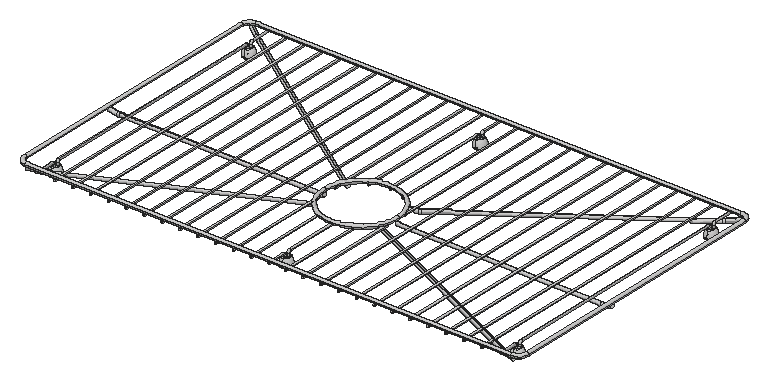
Revit family "Accessory-Sink_Rack-KOHLER-Strive-K-33162_1", category Specialty Equipment, host Face, Revit 2021 (continued)
Definition of nested family "K-33162"
  Lines and regions (in)
    Masking region 2
      outline origin (0, 0, 0) x (1, 0, 0) y (0, 0, 1)
        loop
          arc (11.22661, 0.82677) -> (11.27376, 0.7794) -> (11.24091, 0.72119) r 0.05533
          line (11.24091, 0.72119) -> (12.22123, 0.72119)
        loop
          line (11.20719, 0.82605) -> (10.2058, 0.82605)
          arc (10.2058, 0.82605) -> (10.24862, 0.77769) -> (10.21662, 0.72158) r 0.05547
          line (10.21662, 0.72158) -> (11.19608, 0.72158)
          arc (11.19608, 0.72158) -> (11.16391, 0.77783) -> (11.20719, 0.82605) r 0.05533
        loop
          line (10.1811, 0.82605) -> (9.1796, 0.82605)
          arc (9.1796, 0.82605) -> (9.22392, 0.77815) -> (9.1914, 0.72158) r 0.05506
          line (9.1914, 0.72158) -> (10.17028, 0.72158)
          arc (10.17028, 0.72158) -> (10.13827, 0.77769) -> (10.1811, 0.82605) r 0.05547
        loop
          line (9.15881, 0.82605) -> (8.15553, 0.82605)
          arc (8.15553, 0.82605) -> (8.19797, 0.77758) -> (8.16611, 0.72158) r 0.05558
          line (8.16611, 0.72158) -> (9.14702, 0.72158)
          arc (9.14702, 0.72158) -> (9.11449, 0.77815) -> (9.15881, 0.82605) r 0.05506
        loop
          line (8.1314, 0.8264) -> (7.1297, 0.8264)
          arc (7.1297, 0.8264) -> (7.17376, 0.77724) -> (7.13976, 0.72065) r 0.05559
          line (7.13976, 0.72065) -> (8.12133, 0.72065)
          arc (8.12133, 0.72065) -> (8.08733, 0.77724) -> (8.1314, 0.8264) r 0.05558
        loop
          line (6.11818, 0.72218) -> (7.09371, 0.72218)
          arc (7.09371, 0.72218) -> (7.0633, 0.77908) -> (7.10715, 0.8264) r 0.05559
          line (7.10715, 0.8264) -> (6.10378, 0.8264)
          arc (6.10378, 0.8264) -> (6.14894, 0.77954) -> (6.11818, 0.72218) r 0.05527
        loop
          line (5.09313, 0.72218) -> (6.0702, 0.72218)
          arc (6.0702, 0.72218) -> (6.03944, 0.77954) -> (6.0846, 0.8264) r 0.05527
          line (6.0846, 0.8264) -> (5.07969, 0.8264)
          arc (5.07969, 0.8264) -> (5.12354, 0.77908) -> (5.09313, 0.72218) r 0.05559
        loop
          line (4.032, 0.8264) -> (3.0288, 0.8264)
          arc (3.0288, 0.8264) -> (3.07274, 0.77911) -> (3.0423, 0.72218) r 0.05556
          line (3.0423, 0.72218) -> (4.01904, 0.72218)
          arc (4.01904, 0.72218) -> (3.98883, 0.77886) -> (4.032, 0.8264) r 0.05578
        loop
          line (2.03848, 0.74886) -> (2.16399, 0.72218) -> (2.99297, 0.72218)
          arc (2.99297, 0.72218) -> (2.96253, 0.77911) -> (3.00646, 0.8264) r 0.05556
          line (3.00646, 0.8264) -> (2.0031, 0.8264)
          arc (2.0031, 0.8264) -> (2.04064, 0.79669) -> (2.03848, 0.74886) r 0.05253
        loop
          arc (5.0437, 0.72218) -> (5.01329, 0.77908) -> (5.05714, 0.8264) r 0.05559
          line (5.05714, 0.8264) -> (4.05635, 0.8264)
          arc (4.05635, 0.8264) -> (4.09953, 0.77886) -> (4.06931, 0.72218) r 0.05578
          line (4.06931, 0.72218) -> (5.0437, 0.72218)
        loop
          arc (1.9404, 0.77197) -> (1.95135, 0.80709) -> (1.98266, 0.82642) r 0.05253
          line (1.98266, 0.82642) -> (1.72677, 0.82523) -> (1.9404, 0.77197)
        loop
          line (-14.12149, 0.82677) -> (-14.37986, 0.82677) -> (-14.15813, 0.77503)
          arc (-14.15813, 0.77503) -> (-14.1434, 0.80344) -> (-14.12149, 0.82677) r 0.11647
        loop
          arc (-13.25094, 0.82677) -> (-13.21297, 0.80568) -> (-13.2034, 0.76332) r 0.05315
          line (-13.2034, 0.76332) -> (-13.2034, 0.72119) -> (-12.257, 0.72119)
          arc (-12.257, 0.72119) -> (-12.28881, 0.77813) -> (-12.24536, 0.82677) r 0.05618
          line (-12.24536, 0.82677) -> (-13.25094, 0.82677)
        loop
          arc (-13.30746, 0.7626) -> (-13.29826, 0.80539) -> (-13.26007, 0.82677) r 0.05315
          line (-13.26007, 0.82677) -> (-13.91622, 0.82677) -> (-13.35377, 0.72299) -> (-13.30746, 0.72299) -> (-13.30746, 0.7626)
        loop
          arc (-13.9559, 0.82647) -> (-13.97237, 0.8213) -> (-13.98246, 0.8073) r 0.02735
          line (-13.98246, 0.8073) -> (-14.121, 0.82677) -> (-13.95928, 0.82677)
        loop
          line (-12.20893, 0.72119) -> (-11.22861, 0.72119)
          arc (-11.22861, 0.72119) -> (-11.26146, 0.7794) -> (-11.21431, 0.82677) r 0.05533
          line (-11.21431, 0.82677) -> (-12.22057, 0.82677)
          arc (-12.22057, 0.82677) -> (-12.17712, 0.77813) -> (-12.20893, 0.72119) r 0.05618
        loop
          arc (-11.19895, 0.82677) -> (-11.15186, 0.77987) -> (-11.18378, 0.72158) r 0.05533
          line (-11.18378, 0.72158) -> (-10.20431, 0.72158)
          arc (-10.20431, 0.72158) -> (-10.23608, 0.77959) -> (-10.18973, 0.82677) r 0.05547
          line (-10.18973, 0.82677) -> (-11.19895, 0.82677)
        loop
          arc (-10.17255, 0.82677) -> (-10.1262, 0.77959) -> (-10.15797, 0.72158) r 0.05547
          line (-10.15797, 0.72158) -> (-9.1791, 0.72158)
          arc (-9.1791, 0.72158) -> (-9.21128, 0.78065) -> (-9.16232, 0.82677) r 0.05506
          line (-9.16232, 0.82677) -> (-10.17255, 0.82677)
        loop
          arc (-9.15149, 0.82677) -> (-9.10253, 0.78065) -> (-9.13472, 0.72158) r 0.05506
          line (-9.13472, 0.72158) -> (-8.15381, 0.72158)
          arc (-8.15381, 0.72158) -> (-8.18545, 0.77937) -> (-8.13968, 0.82677) r 0.05558
          line (-8.13968, 0.82677) -> (-9.15149, 0.82677)
        loop
          arc (-8.12104, 0.82677) -> (-8.07513, 0.77823) -> (-8.10903, 0.72065) r 0.05558
          line (-8.10903, 0.72065) -> (-7.12746, 0.72065)
          arc (-7.12746, 0.72065) -> (-7.16136, 0.77823) -> (-7.11545, 0.82677) r 0.05559
          line (-7.11545, 0.82677) -> (-8.12104, 0.82677)
        loop
          arc (-6.10588, 0.72218) -> (-6.13664, 0.77954) -> (-6.09148, 0.8264) r 0.05527
          line (-6.09148, 0.8264) -> (-7.09485, 0.8264)
          arc (-7.09485, 0.8264) -> (-7.051, 0.77908) -> (-7.08141, 0.72218) r 0.05559
          line (-7.08141, 0.72218) -> (-6.10588, 0.72218)
        loop
          arc (-5.08698, 0.72218) -> (-5.11726, 0.78006) -> (-5.07159, 0.82677) r 0.05559
          line (-5.07159, 0.82677) -> (-6.07468, 0.82677)
          arc (-6.07468, 0.82677) -> (-6.02732, 0.78073) -> (-6.05789, 0.72218) r 0.05527
          line (-6.05789, 0.72218) -> (-5.08698, 0.72218)
        loop
          arc (-4.02585, 0.8264) -> (-3.98268, 0.77886) -> (-4.01289, 0.72218) r 0.05578
          line (-4.01289, 0.72218) -> (-3.03, 0.72218)
          arc (-3.03, 0.72218) -> (-3.06043, 0.77911) -> (-3.0165, 0.8264) r 0.05556
          line (-3.0165, 0.8264) -> (-4.02585, 0.8264)
        loop
          arc (-2.02617, 0.74886) -> (-2.02833, 0.79669) -> (-1.9908, 0.8264) r 0.05253
          line (-1.9908, 0.8264) -> (-2.99416, 0.8264)
          arc (-2.99416, 0.8264) -> (-2.95023, 0.77911) -> (-2.98067, 0.72218) r 0.05556
          line (-2.98067, 0.72218) -> (-2.15169, 0.72218) -> (-2.02617, 0.74886)
        loop
          line (-5.03755, 0.72218) -> (-4.06316, 0.72218)
          arc (-4.06316, 0.72218) -> (-4.09326, 0.77976) -> (-4.04842, 0.82677) r 0.05578
          line (-4.04842, 0.82677) -> (-5.05294, 0.82677)
          arc (-5.05294, 0.82677) -> (-5.00727, 0.78006) -> (-5.03755, 0.72218) r 0.05559
        loop
          line (-1.92802, 0.77506) -> (-1.72677, 0.82523) -> (-1.97006, 0.82636)
          arc (-1.97006, 0.82636) -> (-1.93992, 0.80818) -> (-1.92802, 0.77506) r 0.05253
    Masking region 3
      outline origin (0, 0, 0) x (0, 1, 0) y (0, 0, 1)
        loop
          arc (-6.55647, 1.02362) -> (-6.6547, 0.93149) -> (-6.56904, 0.82758) r 0.09843
          line (-6.56904, 0.82758) -> (-6.65371, 0.82758) -> (-6.65371, 0.71351) -> (-6.62221, 0.71351)
          arc (-6.62221, 0.71351) -> (-6.60007, 0.66765) -> (-6.55512, 0.64372) r 0.08198
          line (-6.55512, 0.64372) -> (-6.30845, 0.54903)
          arc (-6.30845, 0.54903) -> (-6.26284, 0.53617) -> (-6.21564, 0.53183) r 0.25898
          line (-6.21564, 0.53183) -> (-5.55922, 0.53183)
          arc (-5.55922, 0.53183) -> (-5.62165, 0.3358) -> (-5.6407, 0.13095) r 0.9562
          arc (-5.6407, 0.13095) -> (-5.63642, 0.11407) -> (-5.62501, 0.1009) r 0.03772
          arc (-5.62501, 0.1009) -> (-5.31401, 0) -> (-5.00227, 0.09856) r 0.53596
          arc (-5.00227, 0.09856) -> (-4.9861, 0.1171) -> (-4.98021, 0.14098) r 0.05227
          arc (-4.98021, 0.14098) -> (-5.00037, 0.34071) -> (-5.06178, 0.53183) r 0.9562
          line (-5.06178, 0.53183) -> (-0.87903, 0.53183)
          arc (-0.87903, 0.53183) -> (-0.78558, 0.62136) -> (-0.87103, 0.71856) r 0.09354
          line (-0.87103, 0.71856) -> (-0.08825, 0.71856) -> (-0.08825, 0.62747)
          arc (-0.08825, 0.62747) -> (0.00584, 0.53339) -> (0.09992, 0.62747) r 0.09408
          line (0.09992, 0.62747) -> (0.09992, 0.71856) -> (1.12749, 0.71856)
          arc (1.12749, 0.71856) -> (1.14144, 0.67125) -> (1.18039, 0.64098) r 0.08043
          line (1.18039, 0.64098) -> (1.39745, 0.56197)
          arc (1.39745, 0.56197) -> (1.47626, 0.54086) -> (1.55754, 0.53375) r 0.46807
          line (1.55754, 0.53375) -> (8.32393, 0.53375)
          arc (8.32393, 0.53375) -> (8.26116, 0.34073) -> (8.24054, 0.13881) r 0.9562
          arc (8.24054, 0.13881) -> (8.24644, 0.11493) -> (8.2626, 0.09639) r 0.05227
          arc (8.2626, 0.09639) -> (8.57435, -0.00217) -> (8.88535, 0.09873) r 0.53596
          arc (8.88535, 0.09873) -> (8.89676, 0.1119) -> (8.90104, 0.12878) r 0.03772
          arc (8.90104, 0.12878) -> (8.88208, 0.33314) -> (8.81996, 0.52875) r 0.9562
          line (8.81996, 0.52875) -> (9.20544, 0.52875)
          arc (9.20544, 0.52875) -> (9.32151, 0.53447) -> (9.43646, 0.55157) r 1.1811
          line (9.43646, 0.55157) -> (9.88919, 0.64187)
          arc (9.88919, 0.64187) -> (9.95808, 0.70173) -> (9.94158, 0.7915) r 0.09207
          line (9.94158, 0.7915) -> (9.94158, 0.82677)
          arc (9.94158, 0.82677) -> (10.04, 0.9252) -> (9.94158, 1.02362) r 0.09843
          line (9.94158, 1.02362) -> (-6.55647, 1.02362)
    symbolic lines, detail levels medium+fine
      curve 1: line (-13.31498, 9.84252, 0) -> (-13.20956, 9.84252, 0)
      curve 2: line (-12.28899, 9.84252, 0) -> (-12.18357, 9.84252, 0)
      curve 3: line (-11.26493, 9.84252, 0) -> (-11.15952, 9.84252, 0)
      curve 4: line (-10.23915, 9.84252, 0) -> (-10.13374, 9.84252, 0)
      curve 5: line (-9.21492, 9.84252, 0) -> (-9.1095, 9.84252, 0)
      curve 6: line (-8.18914, 9.84252, 0) -> (-8.08373, 9.84252, 0)
      curve 7: line (-7.16337, 9.84252, 0) -> (-7.05795, 9.84252, 0)
      curve 8: line (-6.13913, 9.84252, 0) -> (-6.03372, 9.84252, 0)
      curve 9: line (-5.11335, 9.84252, 0) -> (-5.00794, 9.84252, 0)
      curve 10: line (-4.08982, 9.84252, 0) -> (-3.98441, 9.84252, 0)
      curve 11: line (-3.06404, 9.84252, 0) -> (-2.95863, 9.84252, 0)
      curve 12: line (-2.03875, 9.84252, 0) -> (-1.93334, 9.84252, 0)
      curve 13: line (-1.04456, 9.84252, 0) -> (-0.93914, 9.84252, 0)
      curve 14: line (-0.05511, 9.84252, 0) -> (0.05565, 9.84252, 0)
      curve 15: line (0.94216, 9.84252, 0) -> (1.05291, 9.84252, 0)
      curve 16: line (1.93715, 9.84252, 0) -> (2.0479, 9.84252, 0)
      curve 17: line (2.96225, 9.84252, 0) -> (3.07301, 9.84252, 0)
      curve 18: line (3.9888, 9.84252, 0) -> (4.09956, 9.84252, 0)
      curve 19: line (5.01304, 9.84252, 0) -> (5.12379, 9.84252, 0)
      curve 20: line (6.03881, 9.84252, 0) -> (6.14957, 9.84252, 0)
      curve 21: line (7.06305, 9.84252, 0) -> (7.17381, 9.84252, 0)
      curve 22: line (8.08729, 9.84252, 0) -> (8.19804, 9.84252, 0)
      curve 23: line (9.11383, 9.84252, 0) -> (9.22459, 9.84252, 0)
      curve 24: line (10.13807, 9.84252, 0) -> (10.24882, 9.84252, 0)
      curve 25: line (11.16355, 9.84252, 0) -> (11.27431, 9.84252, 0)
      curve 26: line (12.18989, 9.84252, 0) -> (12.30065, 9.84252, 0)
      curve 27: line (13.21243, 9.84252, 0) -> (13.32319, 9.84252, 0)
      curve 28: arc (13.93646, 9.84252, 0) -> (14.05593, 9.82398, 0) -> (14.15851, 9.75999, 0) r 0.30148
      curve 29: line (14.31102, 0.10152, 0) -> (14.31102, -0.08918, 0)
      curve 30: line (-14.31102, 0.09744, 0) -> (-14.31102, -0.08856, 0)
      curve 31: line (-13.31498, -6.45669, 0) -> (-13.20956, -6.45669, 0)
      curve 32: line (-12.28899, -6.45669, 0) -> (-12.18357, -6.45669, 0)
      curve 33: line (-11.26493, -6.45669, 0) -> (-11.15952, -6.45669, 0)
      curve 34: line (-10.23915, -6.45669, 0) -> (-10.13374, -6.45669, 0)
      curve 35: line (-9.21492, -6.45669, 0) -> (-9.1095, -6.45669, 0)
      curve 36: line (-8.18914, -6.45669, 0) -> (-8.08373, -6.45669, 0)
      curve 37: line (-7.16337, -6.45669, 0) -> (-7.05795, -6.45669, 0)
      curve 38: line (-6.13913, -6.45669, 0) -> (-6.03372, -6.45669, 0)
      curve 39: line (-5.11335, -6.45669, 0) -> (-5.00794, -6.45669, 0)
      curve 40: line (-4.08982, -6.45669, 0) -> (-3.98441, -6.45669, 0)
      curve 41: line (-3.06404, -6.45669, 0) -> (-2.95863, -6.45669, 0)
      curve 42: line (-2.03875, -6.45669, 0) -> (-1.93334, -6.45669, 0)
      curve 43: line (-1.04456, -6.45669, 0) -> (-0.93914, -6.45669, 0)
      curve 44: line (-0.05511, -6.45669, 0) -> (0.05565, -6.45669, 0)
      curve 45: line (0.94216, -6.45669, 0) -> (1.05291, -6.45669, 0)
      curve 46: line (1.93715, -6.45669, 0) -> (2.0479, -6.45669, 0)
      curve 47: line (2.96225, -6.45669, 0) -> (3.07301, -6.45669, 0)
      curve 48: line (3.9888, -6.45669, 0) -> (4.09956, -6.45669, 0)
      curve 49: line (5.01304, -6.45669, 0) -> (5.12379, -6.45669, 0)
      curve 50: line (6.03881, -6.45669, 0) -> (6.14957, -6.45669, 0)
      curve 51: line (7.06305, -6.45669, 0) -> (7.17381, -6.45669, 0)
      curve 52: line (8.08729, -6.45669, 0) -> (8.19804, -6.45669, 0)
      curve 53: line (9.11383, -6.45669, 0) -> (9.22459, -6.45669, 0)
      curve 54: line (10.13807, -6.45669, 0) -> (10.24882, -6.45669, 0)
      curve 55: line (11.16355, -6.45669, 0) -> (11.27431, -6.45669, 0)
      curve 56: line (12.18989, -6.45669, 0) -> (12.30065, -6.45669, 0)
      curve 57: line (13.21243, -6.45669, 0) -> (13.32319, -6.45669, 0)
      curve 58: line (14.31102, 3.28431, 0) -> (14.31102, 3.47501, 0)
      curve 59: line (-14.31102, 3.28839, 0) -> (-14.31102, 3.47439, 0)
      curve 60: line (13.62916, -6.45669, 0) -> (14.08033, -6.45669, 0)
      curve 61: line (-13.59929, -6.45669, 0) -> (-13.91171, -6.45669, 0)
      curve 62: line (-13.31498, 9.40332, 0) -> (-13.31498, 9.17437, 0)
      curve 63: line (-12.29302, 8.69111, 0) -> (-12.29302, 8.45965, 0)
      curve 64: line (-12.18435, 8.61538, 0) -> (-12.18435, 8.38794, 0)
      curve 65: line (-11.26379, 7.97384, 0) -> (-11.26379, 7.7464, 0)
      curve 66: line (-11.16119, 7.90233, 0) -> (-11.16119, 7.6749, 0)
      curve 67: line (-10.24304, 7.26247, 0) -> (-10.24304, 7.03503, 0)
      curve 68: line (-10.12649, 7.18011, 0) -> (-10.12649, 6.95381, 0)
      curve 69: line (-9.21733, 6.5465, 0) -> (-9.21733, 6.32021, 0)
      curve 70: line (-9.10826, 6.4705, 0) -> (-9.10826, 6.2442, 0)
      curve 71: line (-8.18938, 5.83013, 0) -> (-8.18938, 5.60383, 0)
      curve 72: line (-8.0871, 5.75884, 0) -> (-8.0871, 5.52411, 0)
      curve 73: line (-7.16119, 5.11357, 0) -> (-7.16119, 4.87884, 0)
      curve 74: line (-7.05798, 5.04165, 0) -> (-7.05798, 4.80692, 0)
      curve 75: line (-6.14125, 4.40277, 0) -> (-6.14125, 4.16804, 0)
      curve 76: line (-6.03593, 4.32937, 0) -> (-6.03593, 4.09464, 0)
      curve 77: line (-5.11776, 3.6895, 0) -> (-5.11776, 3.45477, 0)
      curve 78: line (-5.01125, 3.61527, 0) -> (-5.01125, 3.38054, 0)
      curve 79: line (-4.09061, 2.97367, 0) -> (-4.09061, 2.73894, 0)
      curve 80: line (-3.98312, 2.89876, 0) -> (-3.98312, 2.66403, 0)
      curve 81: line (-3.06526, 2.2591, 0) -> (-3.06526, 2.02437, 0)
      curve 82: line (-2.95831, 2.18457, 0) -> (-2.95831, 1.94984, 0)
      curve 83: line (-2.03571, 1.54161, 0) -> (-2.03571, 1.30688, 0)
      curve 84: line (-1.93218, 1.46945, 0) -> (-1.93218, 1.23472, 0)
      curve 85: line (1.93975, 1.48761, 0) -> (1.93975, 1.25044, 0)
      curve 86: line (2.0483, 1.5632, 0) -> (2.0483, 1.32604, 0)
      curve 87: line (2.96599, 2.20232, 0) -> (2.96599, 1.96515, 0)
      curve 88: line (3.07454, 2.27791, 0) -> (3.07454, 2.04074, 0)
      curve 89: line (3.98505, 2.91203, 0) -> (3.98505, 2.67486, 0)
      curve 90: line (4.0936, 2.98762, 0) -> (4.0936, 2.75045, 0)
      curve 91: line (5.0152, 3.62946, 0) -> (5.0152, 3.39229, 0)
      curve 92: line (5.12067, 3.70291, 0) -> (5.12067, 3.46574, 0)
      curve 93: line (6.04143, 4.34416, 0) -> (6.04143, 4.10699, 0)
      curve 94: line (6.1469, 4.41761, 0) -> (6.1469, 4.18044, 0)
      curve 95: line (7.06569, 5.05748, 0) -> (7.06569, 4.82031, 0)
      curve 96: line (7.17116, 5.13094, 0) -> (7.17116, 4.89377, 0)
      curve 97: line (8.09192, 5.77218, 0) -> (8.09192, 5.53502, 0)
      curve 98: line (8.19739, 5.84564, 0) -> (8.19739, 5.60847, 0)
      curve 99: line (9.11849, 6.48713, 0) -> (9.11849, 6.24996, 0)
      curve 100: line (9.22396, 6.56058, 0) -> (9.22396, 6.32341, 0)
      curve 101: line (10.13719, 7.19658, 0) -> (10.13719, 6.95941, 0)
      curve 102: line (10.24266, 7.27003, 0) -> (10.24266, 7.03287, 0)
      curve 103: line (11.1658, 7.91294, 0) -> (11.1658, 7.67577, 0)
      curve 104: line (11.2728, 7.98746, 0) -> (11.2728, 7.75029, 0)
      curve 105: line (12.18893, 8.62548, 0) -> (12.18893, 8.38831, 0)
      curve 106: line (12.29593, 8.7, 0) -> (12.29593, 8.46283, 0)
      curve 107: line (13.21505, 9.34011, 0) -> (13.21505, 9.10294, 0)
      curve 108: line (13.32061, 9.41362, 0) -> (13.32061, 9.17645, 0)
      curve 109: line (-13.31447, -6.11405, 0) -> (-13.31447, -6.32355, 0)
      curve 110: line (-13.2083, -6.06442, 0) -> (-13.2083, -6.27393, 0)
      curve 111: line (-12.29153, -5.63589, 0) -> (-12.29153, -5.84539, 0)
      curve 112: line (-12.18435, -5.58578, 0) -> (-12.18435, -5.79529, 0)
      curve 113: line (-11.26379, -5.15548, 0) -> (-11.26379, -5.36498, 0)
      curve 114: line (-11.16119, -5.10752, 0) -> (-11.16119, -5.31702, 0)
      curve 115: line (-10.24304, -4.67833, 0) -> (-10.24304, -4.88783, 0)
      curve 116: line (-10.12649, -4.62385, 0) -> (-10.12649, -4.83336, 0)
      curve 117: line (-9.21733, -4.19887, 0) -> (-9.21733, -4.40837, 0)
      curve 118: line (-9.10826, -4.14789, 0) -> (-9.10826, -4.35739, 0)
      curve 119: line (-8.18938, -3.71836, 0) -> (-8.18938, -3.92787, 0)
      curve 120: line (-8.0871, -3.67055, 0) -> (-8.0871, -3.88005, 0)
      curve 121: line (-7.16119, -3.23774, 0) -> (-7.16119, -3.44724, 0)
      curve 122: line (-7.05798, -3.1895, 0) -> (-7.05798, -3.399, 0)
      curve 123: line (-6.14125, -2.76098, 0) -> (-6.14125, -2.97048, 0)
      curve 124: line (-6.03593, -2.71174, 0) -> (-6.03593, -2.92125, 0)
      curve 125: line (-5.11776, -2.28255, 0) -> (-5.11776, -2.49205, 0)
      curve 126: line (-5.01125, -2.23276, 0) -> (-5.01125, -2.44227, 0)
      curve 127: line (-4.09061, -1.80241, 0) -> (-4.09061, -2.01192, 0)
      curve 128: line (-3.98312, -1.75217, 0) -> (-3.98312, -1.96167, 0)
      curve 129: line (-3.06526, -1.32312, 0) -> (-3.06526, -1.53263, 0)
      curve 130: line (-2.95831, -1.27313, 0) -> (-2.95831, -1.48264, 0)
      curve 131: line (2.96599, -1.22726, 0) -> (2.96599, -1.43954, 0)
      curve 132: line (3.07454, -1.27833, 0) -> (3.07454, -1.49061, 0)
      curve 133: line (3.98505, -1.70674, 0) -> (3.98505, -1.91902, 0)
      curve 134: line (4.0936, -1.75781, 0) -> (4.0936, -1.97009, 0)
      curve 135: line (5.0152, -2.19144, 0) -> (5.0152, -2.40372, 0)
      curve 136: line (5.12067, -2.24106, 0) -> (5.12067, -2.45334, 0)
      curve 137: line (6.04143, -2.67429, 0) -> (6.04143, -2.88657, 0)
      curve 138: line (6.1469, -2.72391, 0) -> (6.1469, -2.93619, 0)
      curve 139: line (7.06569, -3.15622, 0) -> (7.06569, -3.3685, 0)
      curve 140: line (7.17116, -3.20584, 0) -> (7.17116, -3.41812, 0)
      curve 141: line (8.09192, -3.63907, 0) -> (8.09192, -3.85135, 0)
      curve 142: line (8.19739, -3.68869, 0) -> (8.19739, -3.90097, 0)
      curve 143: line (9.11849, -4.12209, 0) -> (9.11849, -4.33437, 0)
      curve 144: line (9.22396, -4.17171, 0) -> (9.22396, -4.38399, 0)
      curve 145: line (10.13719, -4.6014, 0) -> (10.13719, -4.81368, 0)
      curve 146: line (10.24266, -4.65102, 0) -> (10.24266, -4.8633, 0)
      curve 147: line (11.1658, -5.08537, 0) -> (11.1658, -5.29765, 0)
      curve 148: line (11.2728, -5.13572, 0) -> (11.2728, -5.348, 0)
      curve 149: line (12.18893, -5.56677, 0) -> (12.18893, -5.77905, 0)
      curve 150: line (12.29593, -5.61711, 0) -> (12.29593, -5.82939, 0)
      curve 151: line (13.2089, -6.04667, 0) -> (13.2089, -6.25896, 0)
      curve 152: line (13.32061, -6.09924, 0) -> (13.32061, -6.31152, 0)
      curve 153: line (2.96599, 0.10152, 0) -> (2.96599, -0.08918, 0)
      curve 154: line (3.07454, 0.10152, 0) -> (3.07454, -0.08918, 0)
      curve 155: line (3.98505, 0.10152, 0) -> (3.98505, -0.08918, 0)
      curve 156: line (4.0936, 0.10152, 0) -> (4.0936, -0.08918, 0)
      curve 157: line (5.0152, 0.10152, 0) -> (5.0152, -0.08918, 0)
      curve 158: line (5.12067, 0.10152, 0) -> (5.12067, -0.08918, 0)
      curve 159: line (6.04143, 0.10152, 0) -> (6.04143, -0.08918, 0)
      curve 160: line (6.1469, 0.10152, 0) -> (6.1469, -0.08918, 0)
      curve 161: line (7.06569, 0.10152, 0) -> (7.06569, -0.08918, 0)
      curve 162: line (7.17116, 0.10152, 0) -> (7.17116, -0.08918, 0)
      curve 163: line (8.09192, 0.10152, 0) -> (8.09192, -0.08918, 0)
      curve 164: line (8.19739, 0.10152, 0) -> (8.19739, -0.08918, 0)
      curve 165: line (9.11849, 0.10152, 0) -> (9.11849, -0.08918, 0)
      curve 166: line (9.22396, 0.10152, 0) -> (9.22396, -0.08918, 0)
      curve 167: line (10.13719, 0.10152, 0) -> (10.13719, -0.08918, 0)
      curve 168: line (10.24266, 0.10152, 0) -> (10.24266, -0.08918, 0)
      curve 169: line (11.1658, 0.10152, 0) -> (11.1658, -0.08918, 0)
      curve 170: line (11.2728, 0.10152, 0) -> (11.2728, -0.08918, 0)
      curve 171: line (12.18893, 0.10152, 0) -> (12.18893, -0.08918, 0)
      curve 172: line (12.29593, 0.10152, 0) -> (12.29593, -0.08918, 0)
      curve 173: line (13.2089, 0.10152, 0) -> (13.2089, -0.08918, 0)
      curve 174: line (13.32061, 0.10152, 0) -> (13.32061, -0.08918, 0)
      curve 175: line (-2.95831, 0.09744, 0) -> (-2.95831, -0.08856, 0)
      curve 176: line (-3.06526, 0.09744, 0) -> (-3.06526, -0.08856, 0)
      curve 177: line (-3.98312, 0.09744, 0) -> (-3.98312, -0.08856, 0)
      curve 178: line (-4.09061, 0.09744, 0) -> (-4.09061, -0.08856, 0)
      curve 179: line (-5.01125, 0.09744, 0) -> (-5.01125, -0.08856, 0)
      curve 180: line (-5.11776, 0.09744, 0) -> (-5.11776, -0.08856, 0)
      curve 181: line (-6.03593, 0.09744, 0) -> (-6.03593, -0.08856, 0)
      curve 182: line (-6.14125, 0.09744, 0) -> (-6.14125, -0.08856, 0)
      curve 183: line (-7.05798, 0.09744, 0) -> (-7.05798, -0.08856, 0)
      curve 184: line (-7.16119, 0.09744, 0) -> (-7.16119, -0.08856, 0)
      curve 185: line (-8.0871, 0.09744, 0) -> (-8.0871, -0.08856, 0)
      curve 186: line (-8.18938, 0.09744, 0) -> (-8.18938, -0.08856, 0)
      curve 187: line (-9.10826, 0.09744, 0) -> (-9.10826, -0.08856, 0)
      curve 188: line (-9.21733, 0.09744, 0) -> (-9.21733, -0.08856, 0)
      curve 189: line (-10.12649, 0.09744, 0) -> (-10.12649, -0.08856, 0)
      curve 190: line (-10.24304, 0.09744, 0) -> (-10.24304, -0.08856, 0)
      curve 191: line (-11.16119, 0.09744, 0) -> (-11.16119, -0.08856, 0)
      curve 192: line (-11.26379, 0.09744, 0) -> (-11.26379, -0.08856, 0)
      curve 193: line (-12.18435, 0.09744, 0) -> (-12.18435, -0.08856, 0)
      curve 194: line (-12.29205, 0.09744, 0) -> (-12.29205, -0.09942, 0)
      curve 195: line (-13.20676, 0.09744, 0) -> (-13.20676, -0.09942, 0)
      curve 196: line (-13.31658, 0.09744, 0) -> (-13.31658, -0.09942, 0)
      curve 197: line (-13.31658, 8.24447, 0) -> (-13.31658, 8.43541, 0)
      curve 198: line (-13.20676, 8.2445, 0) -> (-13.20676, 8.43541, 0)
      curve 199: arc (-13.31658, 8.43541, 0) -> (-13.26167, 8.49032, 0) -> (-13.20676, 8.43541, 0) r 0.05491
      curve 200: line (-13.31498, 8.90444, 0) -> (-13.31498, 8.69847, 0)
      curve 201: line (-13.20776, 8.90431, 0) -> (-13.20776, 8.69847, 0)
      curve 202: arc (-13.31498, 8.69847, 0) -> (-13.26137, 8.64487, 0) -> (-13.20776, 8.69847, 0) r 0.05361
      curve 203: line (-0.05597, 8.89302, 0) -> (-0.05597, 8.70744, 0)
      curve 204: line (0.05565, 8.89408, 0) -> (0.05565, 8.70744, 0)
      curve 205: arc (-0.05597, 8.70744, 0) -> (-0.00016, 8.65163, 0) -> (0.05565, 8.70744, 0) r 0.05581
      curve 206: line (-0.05597, 8.24333, 0) -> (-0.05597, 8.42749, 0)
      curve 207: line (0.05565, 8.24226, 0) -> (0.05565, 8.42749, 0)
      curve 208: arc (-0.05597, 8.42749, 0) -> (-0.00016, 8.4833, 0) -> (0.05565, 8.42749, 0) r 0.05581
      curve 209: line (13.21505, 8.89407, 0) -> (13.21505, 8.69898, 0)
      curve 210: line (13.32061, 8.89406, 0) -> (13.32061, 8.69898, 0)
      curve 211: arc (13.21505, 8.69898, 0) -> (13.26783, 8.6462, 0) -> (13.32061, 8.69898, 0) r 0.05278
      curve 212: line (13.2089, 8.24333, 0) -> (13.2089, 8.43228, 0)
      curve 213: line (13.32061, 8.24228, 0) -> (13.32061, 8.43228, 0)
      curve 214: arc (13.2089, 8.43228, 0) -> (13.26476, 8.48813, 0) -> (13.32061, 8.43228, 0) r 0.05586
      curve 215: line (-13.31447, -4.98277, 0) -> (-13.31447, -5.18297, 0)
      curve 216: line (-13.2083, -4.9829, 0) -> (-13.2083, -5.18297, 0)
      curve 217: line (-13.31447, -5.63823, 0) -> (-13.31447, -5.43931, 0)
      curve 218: line (-13.2083, -5.63811, 0) -> (-13.2083, -5.43931, 0)
      curve 219: arc (-13.31447, -5.18297, 0) -> (-13.26138, -5.23605, 0) -> (-13.2083, -5.18297, 0) r 0.05308
      curve 220: arc (-13.31447, -5.43931, 0) -> (-13.26138, -5.38623, 0) -> (-13.2083, -5.43931, 0) r 0.05308
      curve 221: line (-0.05597, -4.97951, 0) -> (-0.05597, -5.17264, 0)
      curve 222: line (0.05574, -4.97846, 0) -> (0.05574, -5.17264, 0)
      curve 223: arc (-0.05597, -5.17264, 0) -> (-0.00012, -5.2285, 0) -> (0.05574, -5.17264, 0) r 0.05586
      curve 224: line (-0.05597, -5.6292, 0) -> (-0.05597, -5.44665, 0)
      curve 225: line (0.05565, -5.63026, 0) -> (0.05565, -5.44665, 0)
      curve 226: arc (-0.05597, -5.44665, 0) -> (-0.00016, -5.39084, 0) -> (0.05565, -5.44665, 0) r 0.05581
      curve 227: line (13.2089, -4.97951, 0) -> (13.2089, -5.17782, 0)
      curve 228: line (13.32061, -4.97846, 0) -> (13.32061, -5.17782, 0)
      curve 229: line (13.2089, -5.6292, 0) -> (13.2089, -5.44047, 0)
      curve 230: line (13.32061, -5.63024, 0) -> (13.32061, -5.44047, 0)
      curve 231: arc (13.2089, -5.17782, 0) -> (13.26476, -5.23367, 0) -> (13.32061, -5.17782, 0) r 0.05586
      curve 232: arc (13.2089, -5.44047, 0) -> (13.26476, -5.38461, 0) -> (13.32061, -5.44047, 0) r 0.05586
      curve 233: line (-13.59546, 0, 0.12499) -> (-12.93804, 0, 0.12499)
      curve 234: line (-13.58231, 0, 0.10462) -> (-12.95717, 0, 0.10462)
      curve 235: line (-13.02374, 0, 0.528) -> (-13.50801, 0, 0.528)
      curve 236: line (-0.05511, 0, 0.56009) -> (0.05641, 0, 0.56009)
      curve 237: line (-0.32725, 0, 0.12359) -> (0.33256, 0, 0.12359)
      curve 238: line (-0.31373, 0, 0.10315) -> (0.32657, 0, 0.10315)
      curve 239: line (12.93858, 0, 0.12359) -> (13.5935, 0, 0.12359)
      curve 240: line (12.96065, 0, 0.10315) -> (13.58085, 0, 0.10315)
      curve 241: line (-13.98446, 0, 0.6479) -> (-13.3652, 0, 0.528)
      curve 242: line (-13.2034, 0, 0.72119) -> (-13.30746, 0, 0.72299)
      curve 243: arc (-0.05512, 0, 0.77414) -> (0, 0, 0.71902) -> (0.05512, 0, 0.77414) r 0.05512
      curve 244: arc (0.02099, 0, 0.82587) -> (-0.00035, 0, 0.83003) -> (-0.02163, 0, 0.8256) r 0.05512
      curve 245: line (13.50572, 0, 0.53249) -> (13.02374, 0, 0.528)
      curve 246: line (13.21571, 0, 0.72119) -> (13.25194, 0, 0.72309)
      curve 247: arc (13.26781, 0, 0.72067) -> (13.25148, 0, 0.72324) -> (13.23673, 0, 0.7307) r 0.05315
      curve 248: arc (13.31976, 0, 0.7626) -> (13.30119, 0, 0.73246) -> (13.26781, 0, 0.72067) r 0.05315
      curve 249: line (13.28336, 0, 0.72299) -> (13.31976, 0, 0.72299)
      curve 250: arc (13.23859, 0, 0.81822) -> (13.25603, 0, 0.82565) -> (13.27496, 0, 0.82648) r 0.05315
      curve 251: arc (13.23673, 0, 0.7307) -> (13.22314, 0, 0.74502) -> (13.21571, 0, 0.76332) r 0.05315
      curve 252: line (13.48618, 0, 0.55913) -> (13.20614, 0, 0.5297)
      curve 253: spline (13.96442, 0, 0.82415) -> (13.95441, 0, 0.82096) -> (13.9459, 0, 0.81161) -> (13.93946, 0, 0.79674) -> (13.93553, 0, 0.77736) -> (13.93438, 0, 0.7548) -> (13.93609, 0, 0.73058) -> (13.94054, 0, 0.70636) -> (13.94743, 0, 0.68379) -> (13.95628, 0, 0.66441) -> (13.96651, 0, 0.64954) -> (13.9774, 0, 0.6402) -> (13.98821, 0, 0.63701)
      curve 254: spline (13.98821, 0, 0.63701) -> (13.99822, 0, 0.6402) -> (14.00673, 0, 0.64954) -> (14.01317, 0, 0.66441) -> (14.0171, 0, 0.68379) -> (14.01825, 0, 0.70636) -> (14.01654, 0, 0.73058) -> (14.01209, 0, 0.7548) -> (14.0052, 0, 0.77736) -> (13.99635, 0, 0.79674) -> (13.98612, 0, 0.81161) -> (13.97523, 0, 0.82096) -> (13.96442, 0, 0.82415)
      curve 255: line (13.48618, 0, 0.55913) -> (13.98821, 0, 0.63701)
      curve 256: line (13.96442, 0, 0.82415) -> (13.91622, 0, 0.82677)
      curve 257: line (13.97411, 0, 0.82677) -> (13.91622, 0, 0.82677)
      curve 258: line (14.01416, 0, 0.75158) -> (14.2141, 0, 0.78809)
      curve 259: line (14.121, 0, 0.82677) -> (14.18301, 0, 0.82677)
      curve 260: line (14.37986, 0, 0.82677) -> (14.42093, 0, 0.82677)
      curve 261: arc (12.22123, 0, 0.72119) -> (12.24527, 0, 0.71644) -> (12.26931, 0, 0.72119) r 0.06307
      curve 262: line (12.26096, 0, 0.82592) -> (12.2307, 0, 0.82677)
      curve 263: line (11.24091, 0, 0.72119) -> (11.19466, 0, 0.72119)
      curve 264: line (11.20719, 0, 0.82605) -> (11.22892, 0, 0.82677)
      curve 265: arc (0, -6.62221, 0.71351) -> (0, -6.60943, 0.78109) -> (0, -6.55875, 0.82758) r 0.10904
      curve 266: arc (0, -6.56438, 0.6459) -> (0, -6.45769, 0.71301) -> (0, -6.51024, 0.82757) r 0.09561
      curve 267: line (0, -6.50325, 0.8241) -> (0, -6.23119, 0.71966)
      curve 268: line (0, -6.23119, 0.71966) -> (0, -5.53692, 0.71966)
      curve 269: line (0, -5.49406, 0.67681) -> (0, -5.49406, 0.55727)
      curve 270: line (0, -5.38812, 0.67332) -> (0, -5.38812, 0.55727)
      curve 271: arc (0, -5.53692, 0.71966) -> (0, -5.50662, 0.70711) -> (0, -5.49406, 0.67681) r 0.04286
      curve 272: line (0, -5.54232, 0.82753) -> (0, -6.56904, 0.82758)
      curve 273: arc (0, -5.38812, 0.67332) -> (0, -5.43329, 0.78236) -> (0, -5.54233, 0.82753) r 0.15421
      curve 274: line (0, -5.54233, 0.82753) -> (0, -5.08067, 0.82753)
      curve 275: line (0, -5.23119, 0.67465) -> (0, -5.23119, 0.55727)
      curve 276: line (0, -5.12664, 0.67465) -> (0, -5.12664, 0.55727)
      curve 277: arc (0, -5.08067, 0.82753) -> (0, -5.18724, 0.78192) -> (0, -5.23119, 0.67465) r 0.15289
      curve 278: arc (0, -5.07933, 0.72193) -> (0, -5.11278, 0.70809) -> (0, -5.12664, 0.67465) r 0.04727
      curve 279: line (0, -5.08067, 0.82753) -> (0, 9.94002, 0.82753)
      curve 280: line (0, 1.12749, 0.71856) -> (0, 8.34091, 0.71856)
      curve 281: line (0, 8.38531, 0.67416) -> (0, 8.38531, 0.55812)
      curve 282: arc (0, 8.34091, 0.71856) -> (0, 8.3723, 0.70555) -> (0, 8.38531, 0.67416) r 0.0444
      curve 283: line (0, 8.48951, 0.56044) -> (0, 8.48951, 0.67587)
      curve 284: arc (0, 8.48951, 0.67587) -> (0, 8.45036, 0.77789) -> (0, 8.35301, 0.82753) r 0.1525
      curve 285: line (0, 8.64631, 0.56044) -> (0, 8.64631, 0.67368)
      curve 286: line (0, 8.75187, 0.5577) -> (0, 8.75187, 0.67386)
      curve 287: line (0, 8.79657, 0.71856) -> (0, 9.33391, 0.71856)
      curve 288: arc (0, 8.75187, 0.67386) -> (0, 8.76497, 0.70547) -> (0, 8.79657, 0.71856) r 0.0447
      curve 289: arc (0, 8.64631, 0.67368) -> (0, 8.68345, 0.77466) -> (0, 8.77716, 0.82753) r 0.15587
      curve 290: line (0, 8.38531, 0.55812) -> (0, 8.35271, 0.55812)
      curve 291: arc (0, 8.35271, 0.55812) -> (0, 8.33386, 0.55121) -> (0, 8.32393, 0.53375) r 0.02918
      curve 292: line (0, 8.48951, 0.56044) -> (0, 8.64631, 0.56044)
      curve 293: line (0, 8.75187, 0.5577) -> (0, 8.7877, 0.5577)
      curve 294: arc (0, 8.7877, 0.5577) -> (0, 8.80937, 0.5494) -> (0, 8.81996, 0.52875) r 0.03245
      curve 295: line (0, 9.33391, 0.71856) -> (0, 9.83502, 0.82507)
      curve 296: arc (0, 9.83502, 0.82507) -> (0, 9.7721, 0.72437) -> (0, 9.84893, 0.63384) r 0.10063
      curve 297: arc (0, 9.83502, 0.82507) -> (0, 9.9254, 0.7465) -> (0, 9.87208, 0.63926) r 0.09788
      curve 298: arc (0, 9.31979, 0.71856) -> (0, 9.27603, 0.62129) -> (0, 9.34079, 0.53653) r 0.10415
      curve 299: arc (0, 9.28494, 0.71856) -> (0, 9.23684, 0.625) -> (0, 9.28494, 0.53143) r 0.11506
      curve 300: line (0, 9.43739, 1.02362) -> (0, 9.43739, 0.82753)
      curve 301: line (0, 8.24644, 0.11493) -> (0, 8.89818, 0.11493)
      curve 302: line (0, 8.25631, 0.10163) -> (0, 8.88557, 0.10163)
      curve 303: arc (0, 1.49961, 0.71856) -> (0, 1.44122, 0.63917) -> (0, 1.46376, 0.54324) r 0.11756
      curve 304: arc (0, 1.42281, 0.71856) -> (0, 1.37719, 0.6456) -> (0, 1.39745, 0.56197) r 0.11094
      curve 305: arc (0, -0.08825, 0.71856) -> (0, 0.00584, 0.64172) -> (0, 0.09992, 0.71856) r 0.09602
      curve 306: arc (0, -0.08825, 0.71856) -> (0, -0.07888, 0.76987) -> (0, -0.04534, 0.80982) r 0.10183
      curve 307: arc (0, -0.04534, 0.80982) -> (0, 0.00584, 0.82602) -> (0, 0.05702, 0.80982) r 0.08892
      curve 308: arc (0, 0.05702, 0.80982) -> (0, 0.09282, 0.77094) -> (0, 0.09992, 0.71856) r 0.08806
      curve 309: line (0, -6.06316, 1.02362) -> (0, -6.06316, 0.82755)
      curve 310: arc (0, -6.23119, 0.71966) -> (0, -6.18962, 0.61086) -> (0, -6.28253, 0.54062) r 0.09697
      curve 311: arc (0, -6.18926, 0.71966) -> (0, -6.14413, 0.61756) -> (0, -6.21564, 0.53183) r 0.10581
      curve 312: line (0, -5.38812, 0.55727) -> (0, -5.23119, 0.55727)
      curve 313: line (0, -5.49406, 0.55727) -> (0, -5.53143, 0.55727)
      curve 314: line (0, -5.49406, 0.55727) -> (0, -5.38812, 0.55727)
      curve 315: line (0, -5.23119, 0.55727) -> (0, -5.08957, 0.55727)
      curve 316: line (0, -5.54992, 0.5499) -> (0, -5.07109, 0.5499)
      curve 317: line (0, -5.63973, 0.12083) -> (0, -4.98348, 0.12083)
      curve 318: line (0, -5.62501, 0.09873) -> (0, -5.00108, 0.09873)
      curve 319: arc (0, -5.53143, 0.55727) -> (0, -5.54992, 0.5499) -> (0, -5.55826, 0.53183) r 0.02687
      curve 320: arc (0, -5.08957, 0.55727) -> (0, -5.07109, 0.5499) -> (0, -5.06274, 0.53183) r 0.02687
      curve 321: line (0, -5.07933, 0.72193) -> (0, -0.87103, 0.71856)
      curve 322: line (0, 8.32973, 0.54692) -> (0, 8.81186, 0.54692)
      curve 323: line (0, 8.64631, 0.56044) -> (0, 8.75187, 0.5577)
      curve 324: line (0, 8.38531, 0.55812) -> (0, 8.48951, 0.56044)
      curve 325: line (0, 8.35301, 0.82753) -> (0, 8.35301, 0.71419)
      curve 326: line (0, 8.38531, 0.67416) -> (0, 8.49036, 0.67416)
      curve 327: line (0, 8.64631, 0.67368) -> (0, 8.75088, 0.67368)
      curve 328: line (0, 8.77716, 0.82753) -> (0, 8.77716, 0.71447)
      curve 329: line (0, -5.53692, 0.71966) -> (0, -5.53692, 0.82623)
      curve 330: line (0, -5.49406, 0.67681) -> (0, -5.38918, 0.67681)
      curve 331: line (0, -5.23119, 0.67465) -> (0, -5.12827, 0.67465)
      curve 332: line (0, -5.09366, 0.82677) -> (0, -5.07933, 0.72193)
      curve 333: line (-14.40333, 0, 0.82677) -> (-14.37231, 0, 0.82677)
      curve 334: line (-14.15813, 0, 0.77503) -> (-14.00784, 0, 0.74853)
      curve 335: line (-13.97411, 0, 0.82677) -> (-13.91622, 0, 0.82677)
      curve 336: arc (-13.9596, 0, 0.66085) -> (-13.93051, 0, 0.73182) -> (-13.93377, 0, 0.80845) r 0.17915
      curve 337: arc (-13.97985, 0, 0.81096) -> (-14.00931, 0, 0.74065) -> (-14.00355, 0, 0.66464) r 0.16285
      curve 338: arc (-14.00355, 0, 0.66464) -> (-13.98283, 0, 0.64815) -> (-13.9596, 0, 0.66085) r 0.02393
      curve 339: arc (-13.97985, 0, 0.81096) -> (-13.9559, 0, 0.82647) -> (-13.93377, 0, 0.80845) r 0.02425
      curve 340: arc (-13.3652, 0, 0.528) -> (-13.34628, 0, 0.62643) -> (-13.3652, 0, 0.72485) r 0.26539
      curve 341: arc (-13.30746, 0, 0.72299) -> (-13.28368, 0, 0.6255) -> (-13.30746, 0, 0.528) r 0.21174
      curve 342: arc (-13.30746, 0, 0.7626) -> (-13.25551, 0, 0.72183) -> (-13.20355, 0, 0.7626) r 0.05349
      curve 343: arc (-1.96489, 0, 0.54115) -> (-1.93501, 0, 0.62352) -> (-1.95946, 0, 0.70766) r 0.14121
      curve 344: arc (-1.99962, 0, 0.70274) -> (-2.01345, 0, 0.62445) -> (-1.99891, 0, 0.54629) r 0.22271
      curve 345: arc (-1.99891, 0, 0.54629) -> (-1.9834, 0, 0.53379) -> (-1.96489, 0, 0.54115) r 0.01975
      curve 346: arc (-1.95946, 0, 0.70766) -> (-1.98104, 0, 0.71743) -> (-1.99962, 0, 0.70274) r 0.02276
      curve 347: line (-2.15169, 0, 0.72218) -> (-1.98104, 0, 0.71743)
      curve 348: arc (-1.72677, 0, 0.82523) -> (-1.7682, 0, 0.72643) -> (-1.72677, 0, 0.62763) r 0.13851
      curve 349: arc (-2.02617, 0, 0.74886) -> (-1.96553, 0, 0.71862) -> (-1.92802, 0, 0.77506) r 0.05119
      curve 350: line (-0.23754, 0, 0.53181) -> (0.24285, 0, 0.53181)
      curve 351: arc (1.94616, 0, 0.57464) -> (1.94259, 0, 0.64194) -> (1.96408, 0, 0.70583) r 0.17964
      curve 352: arc (1.99285, 0, 0.53358) -> (2.02142, 0, 0.61748) -> (2.0047, 0, 0.70452) r 0.17303
      curve 353: arc (1.96408, 0, 0.70583) -> (1.98479, 0, 0.71748) -> (2.0047, 0, 0.70452) r 0.02292
      curve 354: arc (1.74963, 0, 0.6506) -> (1.77033, 0, 0.72897) -> (1.74963, 0, 0.80735) r 0.15872
      curve 355: arc (1.74963, 0, 0.80735) -> (1.73474, 0, 0.8219) -> (1.7144, 0, 0.8263) r 0.0376
      curve 356: arc (1.71062, 0, 0.63606) -> (1.73277, 0, 0.63624) -> (1.74963, 0, 0.6506) r 0.0324
      curve 357: line (2.16399, 0, 0.72218) -> (1.98479, 0, 0.71748)
      curve 358: arc (1.9404, 0, 0.77197) -> (1.9815, 0, 0.71807) -> (2.04097, 0, 0.75059) r 0.052
      curve 359: arc (13.35377, 0, 0.72299) -> (13.31099, 0, 0.63411) -> (13.35377, 0, 0.54522) r 0.11374
      curve 360: line (13.91732, 0, 1.02362) -> (13.91732, 0, 0.82677)
      curve 361: line (14.121, 0, 0.82677) -> (14.15201, 0, 0.82677)
      curve 362: line (9.15881, 0, 0.82605) -> (9.21791, 0, 0.82605)
      curve 363: line (9.14702, 0, 0.72158) -> (9.1914, 0, 0.72158)
      curve 364: line (8.12133, 0, 0.72065) -> (8.164, 0, 0.72065)
      curve 365: line (8.1314, 0, 0.8264) -> (8.16534, 0, 0.8264)
      curve 366: line (7.09371, 0, 0.72218) -> (7.13924, 0, 0.72218)
      curve 367: line (7.10715, 0, 0.8264) -> (7.1497, 0, 0.8264)
      curve 368: line (6.0702, 0, 0.72218) -> (6.11818, 0, 0.72218)
      curve 369: line (6.0846, 0, 0.8264) -> (6.11818, 0, 0.8264)
      curve 370: line (5.0437, 0, 0.72218) -> (5.09313, 0, 0.72218)
      curve 371: line (5.05714, 0, 0.8264) -> (5.08821, 0, 0.8264)
      curve 372: line (4.01904, 0, 0.72218) -> (4.06931, 0, 0.72218)
      curve 373: line (4.032, 0, 0.8264) -> (4.07518, 0, 0.8264)
      curve 374: line (2.99297, 0, 0.72218) -> (3.0423, 0, 0.72218)
      curve 375: line (3.00646, 0, 0.8264) -> (3.05152, 0, 0.8264)
      curve 376: line (0.99134, 0, 0.8263) -> (1.02469, 0, 0.8263)
      curve 377: line (-0.99805, 0, 0.8263) -> (-0.95766, 0, 0.8263)
      curve 378: line (-1.72677, 0, 0.82523) -> (-1.66768, 0, 0.82523)
      curve 379: line (-3.03, 0, 0.72218) -> (-2.98067, 0, 0.72218)
      curve 380: line (-3.0165, 0, 0.8264) -> (-2.9779, 0, 0.8264)
      curve 381: line (-1.97006, 0, 0.82636) -> (-2.00804, 0, 0.82636)
      curve 382: line (-4.06316, 0, 0.72218) -> (-4.01289, 0, 0.72218)
      curve 383: line (-4.0502, 0, 0.8264) -> (-4.00987, 0, 0.8264)
      curve 384: line (-5.08698, 0, 0.72218) -> (-5.03755, 0, 0.72218)
      curve 385: line (-5.07354, 0, 0.8264) -> (-5.03425, 0, 0.8264)
      curve 386: line (-6.10588, 0, 0.72218) -> (-6.05789, 0, 0.72218)
      curve 387: line (-6.09148, 0, 0.8264) -> (-6.05706, 0, 0.8264)
      curve 388: line (-7.12746, 0, 0.72065) -> (-7.07721, 0, 0.72065)
      curve 389: line (-7.1174, 0, 0.8264) -> (-7.07721, 0, 0.8264)
      curve 390: line (-8.15381, 0, 0.72158) -> (-8.10924, 0, 0.72158)
      curve 391: line (-8.14323, 0, 0.82605) -> (-8.11026, 0, 0.82605)
      curve 392: line (-9.1791, 0, 0.72158) -> (-9.13472, 0, 0.72158)
      curve 393: line (-9.1673, 0, 0.82605) -> (-9.13472, 0, 0.82605)
      curve 394: line (-10.20431, 0, 0.72158) -> (-10.15797, 0, 0.72158)
      curve 395: line (-10.19349, 0, 0.82605) -> (-10.14253, 0, 0.82605)
      curve 396: line (-11.22861, 0, 0.72119) -> (-11.18465, 0, 0.72119)
      curve 397: line (-11.21431, 0, 0.82677) -> (-11.1611, 0, 0.82677)
      curve 398: line (-12.257, 0, 0.72119) -> (-12.20893, 0, 0.72119)
      curve 399: line (-13.20956, 9.32985, 0) -> (-13.20776, 9.10116, 0)
      curve 400: arc (-13.9452, 9.84252, 0) -> (-14.0555, 9.81332, 0) -> (-14.15698, 9.76117, 0) r 0.52967
      curve 401: arc (-13.31498, 8.77192, 0) -> (-13.47831, 8.56285, 0) -> (-13.31658, 8.35253, 0) r 0.21654
      curve 402: arc (-13.20676, 8.35259, 0) -> (-13.04524, 8.56254, 0) -> (-13.20776, 8.77171, 0) r 0.21654
      curve 403: arc (-0.05597, 8.77039, 0) -> (-0.2136, 8.56202, 0) -> (-0.05597, 8.35365, 0) r 0.21654
      curve 404: arc (0.05565, 8.352, 0) -> (0.21947, 8.56202, 0) -> (0.05565, 8.77204, 0) r 0.21654
      curve 405: arc (13.21505, 8.77203, 0) -> (13.0513, 8.5652, 0) -> (13.2089, 8.35365, 0) r 0.21654
      curve 406: arc (13.32061, 8.35202, 0) -> (13.48434, 8.56202, 0) -> (13.32061, 8.77202, 0) r 0.21654
      curve 407: arc (-13.31447, -5.52079, 0) -> (-13.47831, -5.31076, 0) -> (-13.31447, -5.10074, 0) r 0.21654
      curve 408: arc (-13.2083, -5.10094, 0) -> (-13.04524, -5.31076, 0) -> (-13.2083, -5.52059, 0) r 0.21654
      curve 409: arc (-0.05597, -5.51913, 0) -> (-0.2136, -5.31076, 0) -> (-0.05597, -5.1024, 0) r 0.21654
      curve 410: arc (0.05574, -5.10077, 0) -> (0.21947, -5.31081, 0) -> (0.05565, -5.52079, 0) r 0.21654
      curve 411: arc (13.32061, -5.09679, 0) -> (13.50394, -5.31076, 0) -> (13.32061, -5.52474, 0) r 0.21654
      curve 412: arc (13.2089, -5.09679, 0) -> (13.02557, -5.31076, 0) -> (13.2089, -5.52474, 0) r 0.21654
      curve 413: arc (-13.91171, -6.45669, 0) -> (-13.96574, -6.45335, 0) -> (-14.01894, -6.44335, 0) r 0.43761
      curve 414: arc (-0.94177, 1.99137, 0) -> (-0.99486, 1.96556, 0) -> (-1.04724, 1.93834, 0) r 2.20157
      curve 415: arc (0.05565, 2.19932, 0) -> (-0.00016, 2.20018, 0) -> (-0.05597, 2.19961, 0) r 2.20157
      curve 416: arc (1.05174, 1.92949, 0) -> (0.99785, 1.95805, 0) -> (0.9432, 1.9851, 0) r 2.20157
      curve 417: arc (2.0483, 0.79054, 0) -> (1.99757, 0.91129, 0) -> (1.93975, 1.02882, 0) r 2.20157
      curve 418: arc (2.19391, -0.08918, 0) -> (2.19565, 0.00618, 0) -> (2.19325, 0.10152, 0) r 2.20157
      curve 419: arc (1.93975, -1.03159, 0) -> (1.99716, -0.91495, 0) -> (2.04759, -0.79514, 0) r 2.20157
      curve 420: arc (0.9432, -1.98787, 0) -> (0.99785, -1.96082, 0) -> (1.05174, -1.93226, 0) r 2.20157
      curve 421: arc (-0.05597, -2.20239, 0) -> (-0.00016, -2.20295, 0) -> (0.05565, -2.20209, 0) r 2.20157
      curve 422: arc (-1.04724, -1.94111, 0) -> (-0.99486, -1.96833, 0) -> (-0.94177, -1.99414, 0) r 2.20157
      curve 423: arc (-2.03992, -0.84383, 0) -> (-1.9892, -0.95714, 0) -> (-1.93218, -1.06741, 0) r 2.20157
      curve 424: arc (-2.20526, 0.09744, 0) -> (-2.20747, 0.00444, 0) -> (-2.20575, -0.08856, 0) r 2.20157
      curve 425: arc (1.84777, 1.18638, 0) -> (1.79345, 1.26716, 0) -> (1.73562, 1.34545, 0) r 2.20157
      curve 426: arc (-1.93218, 1.04003, 0) -> (-1.98874, 0.94821, 0) -> (-2.03571, 0.85114, 0) r 1.06298
      curve 427: arc (-1.74982, 1.34237, 0) -> (-1.8024, 1.26363, 0) -> (-1.84752, 1.1804, 0) r 1.02853
      curve 428: line (-2.03571, -1.05137, 0) -> (-1.9598, -1.01589, 0)
      curve 429: line (2.0483, -1.00775, 0) -> (1.97115, -0.96996, 0)
      curve 430: arc (13.51451, 9.94158, 0.7915) -> (13.51451, 9.8926, 0.82194) -> (13.51451, 9.83502, 0.82507) r 0.11612
  Dimensions and locks (in)
    plane 5 to plane 4 = 29.01575"
    plane 3 "Center (Left/Right)" to plane 4 = 14.50787"
    plane 7 to plane 6 = 16.69291"
    plane 1 "Center (Front/Back)" to plane 6 = 10.03937"
    plane 4 to plane 3 "Center (Left/Right)" = 14.50787"
    plane 4 to plane 5 = 29.01575"
    plane 4 to plane 8 = 1.22047"
    plane 9 to level = 1.02362"
    plane 9 to plane 10 = 0.19685"
    plane 7 to plane 57 = 8.34646"
    aligned and locked: plane 2 to level
    aligned and locked: Masking region 1 sketch curve to plane 5
